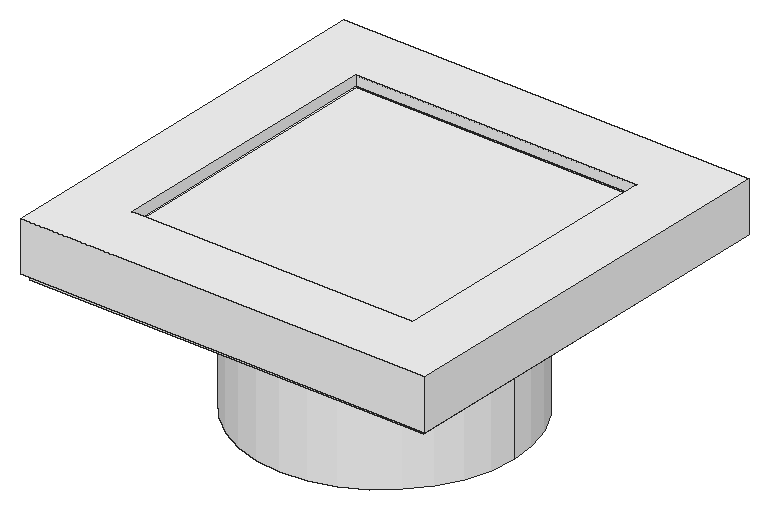
Revit family "Gira_0128005", category Electrical Fixtures, host Face, Revit 2017
Family settings
  Host = Face
  Maintain Annotation Orientation = Yes
  Round Connector Dimension = Use Diameter
  Part Type = Normal
  Cut with Voids When Loaded = No
  Shared = No
  Room Calculation Point = No
Parameters (values of type "PB sw. 2-way 2-g System 55 black m")
  White [instance] = White
  URL = "http://katalog.gira.de/en/datenblatt.html?artikelnr=0128005"
  Name = "PB sw. 2-way 2-g System 55 black m"
  Model = "Sys55_Komplettgerät_Schalten und Tasten"
  Manufacturer URL = "https://www.gira.de/"
  Manufacturer = "Gira"
  Label space/information surface = "No"
  HeinzeBIM = "https://bimportal.heinze.de/bim/pb-sw-2-way-2-g-system-55-black-m/cae31afb18ec724c114319204ef5aaf375de1d3e"
  HAN = "0128005"
  GTIN = "4010337038030"
  Description = "PB sw.2-w 2g Sys55 BKm,Pushbutton switch, 10 AX 250 V~ with rocker, 2-gang,2-way switch, 2-gang,black matt,"
  Default Elevation = 1219.2 mm
  Data sheet (1) = "https://katalog.gira.de/en/download.html?artikelnr=0128005"
  Category = "Switch"
  BIM (1) = "https://media.stage.bim.site/public/gira/36a6b08/Sys55_Komplettgerät_Schalten und Tasten.rfa?public/gira/36a6b08/Sys55_Komplettgerät_Schalten und Tasten.rfa"
  Available = "No"
Reference planes
  plane 1 "Center (Front/Back)": y = 0
  plane 2: z = 0
  plane 3 "Center (Left/Right)": x = 0
Forms (mm)
  Extrusion 1, solid, material "White" <- "White", detail levels medium
    sketch origin (0, 0, 0) x (1, 0, 0) y (0, 1, 0)
      loop
        line (-40.4, 40.4) -> (-40.4, -40.4) -> (40.4, -40.4) -> (40.4, 40.4) -> (-40.4, 40.4)
      loop
        line (-28, 28) -> (-28, -28) -> (28, -28) -> (28, 28) -> (-28, 28)
    from 0 to 10
  Extrusion 2, solid, material "White" <- "White", detail levels fine
    sketch origin (0, 0, 0) x (1, 0, 0) y (0, 1, 0)
      loop
        line (-40.4, 40.4) -> (-40.4, -40.4) -> (40.4, -40.4) -> (40.4, 40.4) -> (-40.4, 40.4)
      loop
        line (-28, 28) -> (-28, -28) -> (28, -28) -> (28, 28) -> (-28, 28)
    from 0 to 10
  Extrusion 3, void
    sketch origin (0, 0, 0) x (1, 0, 0) y (0, 1, 0)
      loop
        line (-38.4, 38.4) -> (-38.4, -38.4) -> (38.4, -38.4) -> (38.4, 38.4) -> (-38.4, 38.4)
    from 0 to 8
  Extrusion 4, solid, material "White" <- "White", detail levels medium+fine
    sketch origin (0, 0, 0) x (1, 0, 0) y (0, 1, 0)
      loop
        line (-39.4, 39.4) -> (-39.4, -39.4) -> (39.4, -39.4) -> (39.4, 39.4) -> (-39.4, 39.4)
    from 0 to -1
  Extrusion 5, solid, material "White" <- "White", detail levels medium+fine
    sketch origin (0, 0, 0) x (1, 0, 0) y (0, 1, 0)
      loop
        line (-35.5, 35.5) -> (-35.5, -35.5) -> (35.5, -35.5) -> (35.5, 35.5) -> (-35.5, 35.5)
    from -2 to -3
  Extrusion 6, solid, material "White" <- "White", detail levels medium+fine
    sketch origin (0, 0, 0) x (1, 0, 0) y (0, 1, 0)
      loop
        circle (0, 0) r 26
    from 0 to -27.5
  Extrusion 7, solid, material "White" <- "White", detail levels coarse
    sketch origin (0, 0, 0) x (1, 0, 0) y (0, 1, 0)
      loop
        line (-40.4, 40.4) -> (-40.4, -40.4) -> (40.4, -40.4) -> (40.4, 40.4) -> (-40.4, 40.4)
    from -27.5 to 10
Cuts and joins
  Extrusion 3 cuts Extrusion 2
Dimensions and locks
  aligned and locked: plane 2 to host face
  aligned and locked: level to host face
  aligned and locked: plane 3 "Center (Left/Right)" to nested 2
  aligned and locked: plane 1 "Center (Front/Back)" to nested 2
Nested families
  nested 1: "Sys55_Abdeckung_Schalten und Tasten_floor_base" at (0, 0, 0), type "Sys55_Abdeckung_Schalten und Tasten_floor_base"
  nested 2: "Schalter" at (0, 0, 0), type "Schalter"
Connectors
  electrical at (0, 0, -27.5)
    settings: on Extrusion 6, index 1, voltage 220 V, apparent load 0 VA, apparent load phase1 0 VA, apparent load phase2 0 VA, apparent load phase3 0 VA, power factor 1, load classification "Other", number of poles 1, system type 30, power factor state 1, is connector primary yes, connector utility no, sub classification motor no, connector description ""
Definition of nested family "Sys55_Abdeckung_Schalten und Tasten_floor_base"
  Parameters
    Default Elevation = 1219.2 mm
    White [instance] = none
  Reference planes
    plane 1 "Center (Front/Back)": y = 0
    plane 2: z = 0
    plane 3 "Center (Left/Right)": x = 0
  Forms (mm)
    Extrusion 1, solid
      sketch origin (0, 0, 0) x (1, 0, 0) y (0, 1, 0)
        loop
          line (-1219.2, 1219.2) -> (-1219.2, -1219.2) -> (1219.2, -1219.2) -> (1219.2, 1219.2) -> (-1219.2, 1219.2)
      from 0 to -304.8
    Extrusion 2, solid, material <- "White", detail levels fine
      sketch origin (0, 0, 0) x (1, 0, 0) y (0, 1, 0)
        loop
          line (-27.5, 27.5) -> (-27.5, -27.5) -> (27.5, -27.5) -> (27.5, 27.5) -> (-27.5, 27.5)
      from 0 to 8
    Extrusion 3, void
      sketch origin (0, 0, 0) x (1, 0, 0) y (0, 1, 0)
        loop
          line (26, 26) -> (-26, 26) -> (-26, -26) -> (26, -26) -> (26, 26)
      from 0 to 6
    Extrusion 4, solid, material <- "White", detail levels medium
      sketch origin (0, 0, 0) x (1, 0, 0) y (0, 1, 0)
        loop
          line (-27.5, 27.5) -> (-27.5, -27.5) -> (27.5, -27.5) -> (27.5, 27.5) -> (-27.5, 27.5)
      from 0 to 8
    Extrusion 5, solid, material <- "White", detail levels medium
      sketch origin (0, 0, 0) x (1, 0, 0) y (0, 1, 0)
        loop
          line (11, -17.5) -> (11, 17.5) -> (-11, 17.5) -> (-11, -17.5) -> (11, -17.5)
      from -6 to 6
    Extrusion 6, solid, material <- "White", detail levels fine
      sketch origin (0, 0, 0) x (1, 0, 0) y (0, 1, 0)
        loop
          line (11, 17.5) -> (-11, 17.5) -> (-11, 16.5) -> (11, 16.5) -> (11, 17.5)
        loop
          line (-11, -16.5) -> (-11, -17.5) -> (11, -17.5) -> (11, -16.5) -> (-11, -16.5)
      from -4 to 6
    Extrusion 7, solid, material <- "White", detail levels fine
      sketch origin (0, 0, 0) x (1, 0, 0) y (0, 1, 0)
        loop
          arc (5, 9.347) -> (0, 10.6) -> (-5, 9.347) r 10.6
          line (-5, 9.347) -> (-5, -9.347)
          arc (-5, -9.347) -> (0, -10.6) -> (5, -9.347) r 10.6
          line (5, -9.347) -> (5, 9.347)
      from -6 to 6
    Extrusion 8, solid, material <- "White", detail levels coarse
      sketch origin (0, 0, 0) x (1, 0, 0) y (0, 1, 0)
        loop
          line (-27.5, 27.5) -> (-27.5, -27.5) -> (27.5, -27.5) -> (27.5, 27.5) -> (-27.5, 27.5)
      from -6 to 8
  Cuts and joins
    Extrusion 3 cuts Extrusion 2
  Dimensions and locks
    aligned and locked: plane 2 to Extrusion 1
    aligned and locked: level to Extrusion 1
Definition of nested family "Schalter"
  Reference planes
    plane 1: y = 0
    plane 2: x = 0
  Lines and regions (mm)
    detail lines
      curve 1: circle (1.375, 2.778, 0) r 0.8 normal (0, 0, 1)
      curve 2: line (1.021, 2.061, 0) -> (0, 0, 0)
      curve 3: line (0, 0, 0) -> (-0.538, 0.266, 0)
  Dimensions and locks
    curve 2 to curve 2 = 2.3 mm
    curve 3 to curve 2 = 0.6 mm
    radius of curve 1 = 0.8 mm
